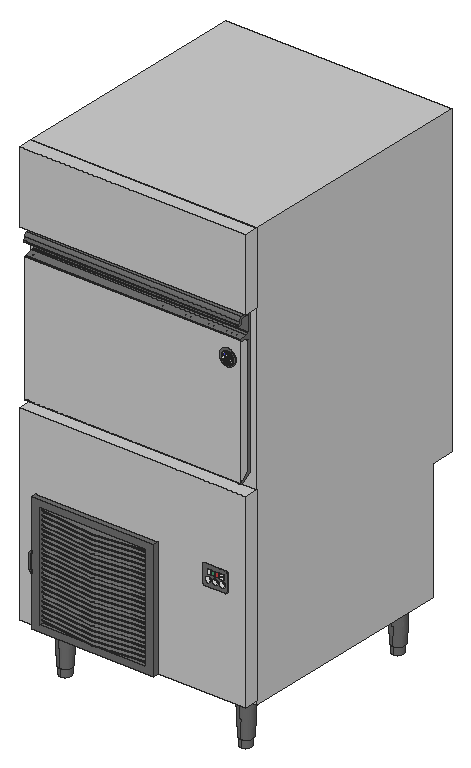
Revit family "QF_HOSHIZAKI_KM-140C-HC", category Specialty Equipment, Revit 2016
Family settings
  Part Type = Normal
  Round Connector Dimension = Use Diameter
  OmniClass Number = 23.40.40.14
  OmniClass Title = Food Service Equipment
  Work Plane-Based = No
  Always vertical = Yes
  Cut with Voids When Loaded = No
  Shared = No
  Room Calculation Point = No
Parameters (values of type "KM-140C-HC_230V/1Ph/50Hz")
  Weight = 69.00 kg
  Waste Remarks [instance] = ""
  Volts = 230 V
  URL Cutsheet = ""
  URL = "www.hoshizaki-europe.com"
  Status [instance] = ""
  Specification by User [instance] = ""
  Specification by Manufacturer [instance] = ""
  Serial Number = ""
  Seismic Rating = ""
  SMACNA No = ""
  Revision Code [instance] = ""
  Phase = 1
  Number of Poles = 2
  NAFEM Spec ID Number = ""
  Model = "KM-140C-HC"
  Min Ckt Ampacity = 0 A
  Max Overcurrent Protection = 0 A
  Masterspec = ""
  Manufacturer = "HOSHIZAKI"
  Length Actual = 630 mm
  Item Number [instance] = ""
  Installed By [instance] = ""
  Indirect Waste Size = 25.4 mm
  Indirect Waste Connection Type [instance] = ""
  Indirect Waste Connection Height [instance] = 354 mm
  Identify Quantity as Lot [instance] = no
  Height Actual = 1333 mm
  HP power = ""
  Furnished By [instance] = ""
  Foodservice Equipment Identifier [instance] = yes
  FL Amps = 3.9 A
  Electric power = 564 W
  Electric Connection Type [instance] = ""
  Elec Conn RI Height [instance] = 0 mm
  Elec Conn Connection Height [instance] = 303 mm
  Direct Waste RI Height [instance] = 0 mm
  Description = "SELF CONTAINED KM ICE MAKER, 138KG PER 24 HOURS, CRESCENT"
  Depth Actual = 719 mm
  Cycle = 50 Hz
  Cost = 0
  Conn Plug = ""
  Conn Conduit = no
  Cold Water Temperature Recommended = 0 °C
  Cold Water Size = 19.05 mm
  Cold Water Flow = 0.0 L/s
  Cold Water Connection Height [instance] = 398 mm
  CSI MasterFormat = ""
  Assembly Code = "E1090320"
  Apparent Power = 564 VA
  Accessory = no
Reference planes
  plane 1 "Center (Front/Back)": y = 0
  plane 2: z = 0
  plane 3 "Center (Left/Right)": x = 0
Forms (mm)
  Extrusion 1, solid, not visible
    sketch origin (47, -67, 302) x (1, 0, 0) y (0, 1, 0)
      loop
        line (0, 0) -> (2, 0) -> (2, 2) -> (0, 2) -> (0, 0)
    from 0 to 2
  Extrusion 2, solid, not visible
    sketch origin (98, -33, 400) x (1, 0, 0) y (0, 1, 0)
      loop
        line (0, 0) -> (2, 0) -> (2, 2) -> (0, 2) -> (0, 0)
    from 0 to 2
  Extrusion 3, solid, not visible
    sketch origin (582, -67, 353) x (1, 0, 0) y (0, 1, 0)
      loop
        line (0, 0) -> (2, 0) -> (2, 2) -> (0, 2) -> (0, 0)
    from 0 to 2
Dimensions and locks
  aligned and locked: level to plane 2
Nested families
  nested 1: "QF_HOSHIZAKI_KM-140C-HC_230V_1Ph_50Hz" at (0, 0, 0), type "KM-140C-HC_230V/1Ph/50Hz"
    with Show Logo yes, Show Clearance yes
Connectors
  electrical at (48, -65, 303), driven by "Apparent Power", driven by "Number of Poles", driven by "Volts"
    settings: on Extrusion 1, index 1, voltage 230 V, apparent load 0 VA, apparent load phase1 564 VA, apparent load phase2 0 VA, apparent load phase3 0 VA, power factor 1, load classification "Other", number of poles 2, system type 31, power factor state 1, is connector primary yes, connector utility no, sub classification motor no, connector description "Electric connection for 'KM-140C-HC'"
  piping at (99, -32, 400), diameter 19.05, driven by "Cold Water Size", driven by "Cold Water Flow"
    settings: on Extrusion 2, index 2, connector inside diameter 609.6 mm, connector length 0 mm, flow factor 0, pipe flow 0.0 L/s, pressure drop 0.0 Pa, fitting loss kfactor 0, connector angle 0.00°, fixture units 0, engagement length 0 mm, angle of deflection 0.00°, flow configuration 1, flow direction 1, fitting loss method 0, system type 20, joint type 0, gender type 0, connector reference index -1, connector utility 0, adjustable connector no, is connector primary yes, connector description "Cold Water connection for 'KM-140C-HC'"
  piping at (583, -65, 354), diameter 25.4, driven by "Indirect Waste Size"
    settings: on Extrusion 3, index 3, connector inside diameter 609.6 mm, connector length 0 mm, flow factor 0, pipe flow 0.0 L/s, pressure drop 0.0 Pa, fitting loss kfactor 0, connector angle 0.00°, fixture units 0, engagement length 0 mm, angle of deflection 0.00°, flow configuration 1, flow direction 2, fitting loss method 0, system type 16, joint type 0, gender type 0, connector reference index -1, connector utility 0, adjustable connector no, is connector primary no, connector description "Drain connection for 'KM-140C-HC'"
Definition of nested family "QF_HOSHIZAKI_KM-140C-HC_230V_1Ph_50Hz"
  Parameters (values of type "KM-140C-HC_230V/1Ph/50Hz")
    URL = "www.hoshizaki-europe.com"
    Show Logo [instance] = yes
    Show Clearance [instance] = yes
    Model = "KM-140C-HC"
    Manufacturer = "HOSHIZAKI"
    Description = "SELF CONTAINED KM ICE MAKER, 138KG PER 24 HOURS, CRESCENT"
    Assembly Code = "E1090320"
  Reference planes
    plane 1 "Back": y = 0
    plane 2: z = 0
    plane 3 "Left": x = 0
    plane 4 "Right": x = 630
    plane 5 "Front": y = -719
    plane 6 "Top": z = 1333
  Forms (mm)
    Extrusion 1, solid
      sketch origin (0, 0, 0) x (0, 1, 0) y (0, 0, 1)
        loop
          line (-65, 139) -> (-65, 474) -> (0, 474) -> (0, 1333) -> (-680, 1333) -> (-680, 139) -> (-65, 139)
      from 0 to 630
    Revolve 2, solid
      sketch origin (62.5, 0, 0) x (0, 1, 0) y (0, 0, 1)
        loop
          line (-109, 0) -> (-93.5, 0) -> (-93.5, 22.5) -> (-90.5, 22.5) -> (-86, 124) -> (-86, 139) -> (-109, 139) -> (-109, 0)
        axis (-109, 0) -> (-109, 139)
      angle from 0 to 360
    Extrusion 3, solid
      sketch origin (0, -125.184, 156.803) x (0, 1, 0) y (0, 0, 1)
        loop
          arc (-564.152, 560.106) -> (-560.966, 563.691) -> (-559.816, 568.347) r 10
          line (-559.816, 568.347) -> (-559.816, 956.197)
          arc (-559.816, 956.197) -> (-563.19, 963.687) -> (-571.035, 966.123) r 10
          line (-571.035, 966.123) -> (-587.697, 964.077)
          arc (-587.697, 964.077) -> (-593.362, 961.405) -> (-596.326, 955.888) r 10
          line (-596.326, 955.888) -> (-598.012, 946.326)
          arc (-598.012, 946.326) -> (-596.39, 944.009) -> (-594.073, 945.632) r 2
          line (-594.073, 945.632) -> (-592.387, 955.193)
          arc (-592.387, 955.193) -> (-590.608, 958.503) -> (-587.209, 960.106) r 6
          line (-587.209, 960.106) -> (-570.547, 962.152)
          arc (-570.547, 962.152) -> (-565.84, 960.691) -> (-563.816, 956.197) r 6
          line (-563.816, 956.197) -> (-563.816, 915.35)
          arc (-563.816, 915.35) -> (-564.246, 914.146) -> (-565.343, 913.487) r 1.9
          arc (-565.343, 913.487) -> (-565.869, 913.401) -> (-566.401, 913.352) r 7.5
          arc (-566.401, 913.352) -> (-568.987, 913.073) -> (-571.531, 912.527) r 25
          line (-571.531, 912.527) -> (-592.016, 907) -> (-592.016, 905) -> (-590.605, 905)
          arc (-590.605, 905) -> (-589.35, 904.725) -> (-588.326, 903.95) r 3
          arc (-588.326, 903.95) -> (-586.618, 902.659) -> (-584.526, 902.2) r 5
          line (-584.526, 902.2) -> (-574.616, 902.2)
          arc (-574.616, 902.2) -> (-571.08, 900.736) -> (-569.616, 897.2) r 5
          line (-569.616, 897.2) -> (-569.616, 566.869)
          arc (-569.616, 566.869) -> (-570.191, 564.541) -> (-571.784, 562.748) r 5
          line (-571.784, 562.748) -> (-586.848, 552.395)
          arc (-586.848, 552.395) -> (-588.117, 551.134) -> (-588.862, 549.507) r 5
          arc (-588.862, 549.507) -> (-589.572, 548.421) -> (-590.8, 548) r 2
          line (-590.8, 548) -> (-592.016, 548)
          arc (-592.016, 548) -> (-591.43, 546.586) -> (-590.016, 546) r 2
          line (-590.016, 546) -> (-584.677, 546) -> (-564.152, 560.106)
      from 14.5 to 615.5
    Extrusion 4, solid
      sketch origin (0, -125.184, 156.803) x (0, 1, 0) y (0, 0, 1)
        loop
          line (-593.816, 905) -> (-593.816, 548) -> (-590.8, 548)
          arc (-590.8, 548) -> (-589.572, 548.421) -> (-588.862, 549.507) r 2
          arc (-588.862, 549.507) -> (-588.117, 551.134) -> (-586.848, 552.395) r 5
          line (-586.848, 552.395) -> (-571.784, 562.748)
          arc (-571.784, 562.748) -> (-570.191, 564.541) -> (-569.616, 566.869) r 5
          line (-569.616, 566.869) -> (-569.616, 897.2)
          arc (-569.616, 897.2) -> (-571.08, 900.736) -> (-574.616, 902.2) r 5
          line (-574.616, 902.2) -> (-584.526, 902.2)
          arc (-584.526, 902.2) -> (-586.618, 902.659) -> (-588.326, 903.95) r 5
          arc (-588.326, 903.95) -> (-589.35, 904.725) -> (-590.605, 905) r 3
          line (-590.605, 905) -> (-593.816, 905)
      from 14.5 to 615.5
    Extrusion 5, solid
      sketch origin (-500, -591, 148.5) x (0, 1, 0) y (0, 0, 1)
        loop
          line (-128, 313.5) -> (-131, 313.5) -> (-131, 17.5) -> (-128, 17.5) -> (-128, 313.5)
      from 863 to 567
    Extrusion 6, solid, visible <- "Show Logo"
      sketch origin (1039.884, -718.5, -852.5) x (-1, 0, 0) y (0, 0, -1)
        loop
          circle (459.884, -1862.5) r 13.99
      from -0.5 to 2
    Extrusion 7, solid, visible <- "Show Logo"
      sketch origin (1039.884, -719, -852.5) x (-1, 0, 0) y (0, 0, -1)
        loop
          circle (459.884, -1862.5) r 15
        loop
          arc (446.884, -1862.5) -> (460.705, -1875.474) -> (472.781, -1860.863) r 13
          line (472.781, -1860.863) -> (470.355, -1858.437) -> (469.346, -1862.201) -> (466.355, -1863.928) -> (465.024, -1865.26) -> (463.375, -1865.26) -> (462.04, -1870.241) -> (457.755, -1870.241) -> (459.339, -1867.979) -> (460.402, -1864.014) -> (461.224, -1860.945) -> (462.416, -1856.497) -> (461.216, -1855.297) -> (459.433, -1857.843) -> (455.784, -1851.523) -> (460.361, -1851.523) -> (461.471, -1853.446) -> (469.213, -1853.446)
          arc (469.213, -1853.446) -> (460.394, -1849.51) -> (451.293, -1852.743) r 13
          line (451.293, -1852.743) -> (455.577, -1853.891) -> (453.752, -1856.497) -> (455.349, -1856.497) -> (454.477, -1866.459) -> (452.538, -1866.459) -> (446.884, -1862.5)
        loop
          line (447.853, -1857.467) -> (452.313, -1861.926) -> (450.144, -1853.891)
          arc (450.144, -1853.891) -> (448.878, -1855.602) -> (447.853, -1857.467) r 15.828
        loop
          line (463.583, -1862.877) -> (466.64, -1862.399) -> (464.901, -1861.285) -> (463.583, -1857.664) -> (463.583, -1862.877)
        loop
          line (464.827, -1855.979) -> (468.296, -1856.908) -> (469.573, -1854.916) -> (468.881, -1854.224) -> (467.914, -1855.035) -> (464.827, -1855.979)
        loop
          line (462.609, -1872.307) -> (462.609, -1874.009) -> (464.927, -1873.388) -> (462.609, -1872.307)
        loop
          line (460.361, -1874.662) -> (459.594, -1873.335) -> (460.801, -1872.638) -> (459.186, -1872.205) -> (458.298, -1874.11) -> (460.361, -1874.662)
        loop
          line (459.623, -1846.783) -> (460.706, -1845.701) -> (462.247, -1845.701) -> (461.191, -1844.645) -> (461.503, -1842.874) -> (459.623, -1843.959) -> (457.743, -1842.874) -> (458.055, -1844.645) -> (456.999, -1845.701) -> (458.54, -1845.701) -> (459.623, -1846.783)
        loop
          line (446.86, -1853.7) -> (446.594, -1852.191) -> (447.478, -1850.929) -> (446.007, -1851.188) -> (444.736, -1849.917) -> (444.547, -1852.08) -> (442.579, -1852.997) -> (444.209, -1853.757) -> (444.468, -1855.228) -> (445.352, -1853.965) -> (446.86, -1853.7)
        loop
          line (452.395, -1848.68) -> (452.856, -1847.219) -> (454.223, -1846.508) -> (452.799, -1846.059) -> (452.258, -1844.344) -> (451.091, -1846.175) -> (448.922, -1846.08) -> (450.017, -1847.507) -> (449.568, -1848.931) -> (450.935, -1848.219) -> (452.395, -1848.68)
        loop
          line (472.909, -1853.7) -> (474.417, -1853.965) -> (475.301, -1855.228) -> (475.56, -1853.757) -> (477.19, -1852.997) -> (475.222, -1852.08) -> (475.033, -1849.917) -> (473.761, -1851.188) -> (472.291, -1850.929) -> (473.175, -1852.191) -> (472.909, -1853.7)
        loop
          line (467.374, -1848.68) -> (468.834, -1848.219) -> (470.201, -1848.931) -> (469.752, -1847.507) -> (470.847, -1846.08) -> (468.678, -1846.175) -> (467.511, -1844.344) -> (466.97, -1846.059) -> (465.546, -1846.508) -> (466.913, -1847.219) -> (467.374, -1848.68)
      from 0 to 2
    Extrusion 8, solid, visible <- "Show Logo"
      sketch origin (1039.884, -719, -852.5) x (-1, 0, 0) y (0, 0, -1)
        loop
          line (462.609, -1874.009) -> (462.609, -1872.307) -> (462.085, -1870.241) -> (457.755, -1870.241) -> (459.339, -1867.979) -> (462.416, -1856.497) -> (461.216, -1855.297) -> (459.433, -1857.843) -> (455.808, -1851.565) -> (453.948, -1851.565) -> (455.577, -1853.891) -> (454.477, -1866.459) -> (456.345, -1871.339)
          arc (456.345, -1871.339) -> (456.868, -1874.025) -> (459.213, -1875.435) r 3.366
          arc (459.213, -1875.435) -> (460.198, -1875.496) -> (461.183, -1875.435) r 8.046
          line (461.183, -1875.435) -> (462.609, -1874.009)
        loop
          line (456.854, -1851.523) -> (460.361, -1851.523) -> (460.916, -1852.485) -> (462.702, -1852.485) -> (463.779, -1851.407) -> (460.623, -1851.407) -> (461.563, -1850.468) -> (456.245, -1850.468) -> (456.854, -1851.523)
        loop
          line (460.361, -1874.662) -> (459.594, -1873.335) -> (460.801, -1872.638) -> (459.186, -1872.205) -> (458.298, -1874.11) -> (460.361, -1874.662)
      from 0 to 2
    Extrusion 9, solid, visible <- "Show Logo"
      sketch origin (254.5, -718, 571.096) x (1, 0, 0) y (0, 0, 1)
        loop
          circle (325.5, 438.904) r 22.5
      from 0 to 2
    Extrusion 10, solid, visible <- "Show Clearance", detail levels coarse
      sketch origin (0, -125, 156.803) x (0, 1, 0) y (0, 0, 1)
        loop
          arc (-594, 964.843) -> (-790.878, 902.025) -> (-918, 739.091) r 350
          line (-918, 739.091) -> (-594, 544.412) -> (-594, 964.843)
      from 14.5 to 615.5
    Extrusion 11, solid
      sketch origin (178, 0, 53) x (1, 0, 0) y (0, 0, 1)
        loop
          circle (405, 301) r 12.5
        loop
          circle (405, 301) r 11
      from 50 to 65
    Extrusion 12, solid
      sketch origin (0, 0, -981.5) x (0, 1, 0) y (0, 0, 1)
        loop
          line (-719, 1660) -> (-719, 1130.5) -> (-680, 1130.5) -> (-680, 1660) -> (-719, 1660)
      from 0 to 630
    Extrusion 13, solid
      sketch origin (281.5, -735, -27.355) x (-1, 0, 0) y (0, 0, 1)
        loop
          line (-265.14, 488.748) -> (-274.86, 488.748) -> (-274.86, 476.748) -> (-265.14, 476.748) -> (-265.14, 488.748)
      from 16 to 14
    Extrusion 14, solid
      sketch origin (260.5, -735, -27.355) x (-1, 0, 0) y (0, 0, 1)
        loop
          line (-265.14, 488.748) -> (-274.86, 488.748) -> (-274.86, 476.748) -> (-265.14, 476.748) -> (-265.14, 488.748)
      from 16 to 14
    Extrusion 15, solid
      sketch origin (271, -735, -27.355) x (-1, 0, 0) y (0, 0, 1)
        loop
          line (-265.14, 488.748) -> (-274.86, 488.748) -> (-274.86, 476.748) -> (-265.14, 476.748) -> (-265.14, 488.748)
      from 16 to 14
    Extrusion 16, solid
      sketch origin (295.5, -735, -26.355) x (-1, 0, 0) y (0, 0, 1)
        loop
          line (-265.14, 488.748) -> (-274.86, 488.748) -> (-274.86, 482.748) -> (-265.14, 482.748) -> (-265.14, 488.748)
      from 16 to 14
    Extrusion 17, solid
      sketch origin (295.5, -735, 937.142) x (-1, 0, 0) y (0, 0, 1)
        loop
          line (-265.14, -488.748) -> (-265.14, -482.748) -> (-274.86, -482.748) -> (-274.86, -488.748) -> (-265.14, -488.748)
      from 16 to 14
    Extrusion 18, solid
      sketch origin (256.5, -735, -47.355) x (-1, 0, 0) y (0, 0, 1)
        loop
          circle (-270, 482.748) r 7
      from 16 to 14
    Extrusion 19, solid
      sketch origin (276.5, -735, -47.355) x (-1, 0, 0) y (0, 0, 1)
        loop
          circle (-270, 482.748) r 7
      from 16 to 14
    Extrusion 20, solid
      sketch origin (836.5, -735, -47.355) x (1, 0, 0) y (0, 0, -1)
        loop
          circle (-270, -482.748) r 7
      from 16 to 14
    Extrusion 21, solid
      sketch origin (0, 0, 0) x (0, 1, 0) y (0, 0, 1)
        loop
          line (-719, 1333) -> (-719, 1133) -> (-680, 1133) -> (-680, 1333) -> (-719, 1333)
      from 0 to 630
    Extrusion 22, solid
      sketch origin (0, -719, 0) x (-1, 0, 0) y (0, 0, 1)
        loop
          line (-45, 149) -> (-45, 479) -> (-385, 479) -> (-385, 149) -> (-45, 149)
        loop
          line (-67, 462) -> (-363, 462) -> (-363, 166) -> (-67, 166) -> (-67, 462)
      from 0 to -16
    Extrusion 23, solid
      sketch origin (-102.25, -933, 82.071) x (1, 0, 0) y (0, 0, 1)
        loop
          line (147.25, 264) -> (138.179, 254.929) -> (138.179, 213.929) -> (147.25, 204.858) -> (147.25, 213.343) -> (144.179, 216.414) -> (144.179, 252.443) -> (147.25, 255.515) -> (147.25, 264)
      from -198 to -200
    Revolve 24, solid
      sketch origin (62.5, -530, 0) x (0, 1, 0) y (0, 0, 1)
        loop
          line (-109, 0) -> (-93.5, 0) -> (-93.5, 22.5) -> (-90.5, 22.5) -> (-86, 124) -> (-86, 139) -> (-109, 139) -> (-109, 0)
        axis (-109, 0) -> (-109, 139)
      angle from 0 to 360
    Revolve 25, solid
      sketch origin (567.5, 0, 0) x (0, 1, 0) y (0, 0, 1)
        loop
          line (-109, 0) -> (-93.5, 0) -> (-93.5, 22.5) -> (-90.5, 22.5) -> (-86, 124) -> (-86, 139) -> (-109, 139) -> (-109, 0)
        axis (-109, 0) -> (-109, 139)
      angle from 0 to 360
    Revolve 26, solid
      sketch origin (567.5, -530, 0) x (0, 1, 0) y (0, 0, 1)
        loop
          line (-109, 0) -> (-93.5, 0) -> (-93.5, 22.5) -> (-90.5, 22.5) -> (-86, 124) -> (-86, 139) -> (-109, 139) -> (-109, 0)
        axis (-109, 0) -> (-109, 139)
      angle from 0 to 360
    Extrusion 27, solid
      sketch origin (-98.25, -334.885, 672.605) x (1, 0, 0) y (0, 0.866025, 0.5)
        loop
          line (165.25, -443) -> (165.25, -451.668)
          arc (165.25, -451.668) -> (313.28, -461.644) -> (461.25, -450.813) r 1057.927
          line (461.25, -450.813) -> (461.25, -443) -> (165.25, -443)
      from 2 to 5
    Extrusion 28, solid
      sketch origin (-98.25, -334.885, 660.605) x (1, 0, 0) y (0, 0.866025, 0.5)
        loop
          line (165.25, -443) -> (165.25, -451.668)
          arc (165.25, -451.668) -> (313.28, -461.644) -> (461.25, -450.813) r 1057.927
          line (461.25, -450.813) -> (461.25, -443) -> (165.25, -443)
      from 2 to 5
    Extrusion 29, solid
      sketch origin (-98.25, -334.885, 648.605) x (1, 0, 0) y (0, 0.866025, 0.5)
        loop
          line (165.25, -443) -> (165.25, -451.668)
          arc (165.25, -451.668) -> (313.28, -461.644) -> (461.25, -450.813) r 1057.927
          line (461.25, -450.813) -> (461.25, -443) -> (165.25, -443)
      from 2 to 5
    Extrusion 30, solid
      sketch origin (-98.25, -334.885, 636.605) x (1, 0, 0) y (0, 0.866025, 0.5)
        loop
          line (165.25, -443) -> (165.25, -451.668)
          arc (165.25, -451.668) -> (313.28, -461.644) -> (461.25, -450.813) r 1057.927
          line (461.25, -450.813) -> (461.25, -443) -> (165.25, -443)
      from 2 to 5
    Extrusion 31, solid
      sketch origin (-98.25, -334.885, 624.605) x (1, 0, 0) y (0, 0.866025, 0.5)
        loop
          line (165.25, -443) -> (165.25, -451.668)
          arc (165.25, -451.668) -> (313.28, -461.644) -> (461.25, -450.813) r 1057.927
          line (461.25, -450.813) -> (461.25, -443) -> (165.25, -443)
      from 2 to 5
    Extrusion 32, solid
      sketch origin (-98.25, -334.885, 612.605) x (1, 0, 0) y (0, 0.866025, 0.5)
        loop
          line (165.25, -443) -> (165.25, -451.668)
          arc (165.25, -451.668) -> (313.28, -461.644) -> (461.25, -450.813) r 1057.927
          line (461.25, -450.813) -> (461.25, -443) -> (165.25, -443)
      from 2 to 5
    Extrusion 33, solid
      sketch origin (-98.25, -334.885, 600.605) x (1, 0, 0) y (0, 0.866025, 0.5)
        loop
          line (165.25, -443) -> (165.25, -451.668)
          arc (165.25, -451.668) -> (313.28, -461.644) -> (461.25, -450.813) r 1057.927
          line (461.25, -450.813) -> (461.25, -443) -> (165.25, -443)
      from 2 to 5
    Extrusion 34, solid
      sketch origin (-98.25, -334.885, 588.605) x (1, 0, 0) y (0, 0.866025, 0.5)
        loop
          line (165.25, -443) -> (165.25, -451.668)
          arc (165.25, -451.668) -> (313.28, -461.644) -> (461.25, -450.813) r 1057.927
          line (461.25, -450.813) -> (461.25, -443) -> (165.25, -443)
      from 2 to 5
    Extrusion 35, solid
      sketch origin (-98.25, -334.885, 576.605) x (1, 0, 0) y (0, 0.866025, 0.5)
        loop
          line (165.25, -443) -> (165.25, -451.668)
          arc (165.25, -451.668) -> (313.28, -461.644) -> (461.25, -450.813) r 1057.927
          line (461.25, -450.813) -> (461.25, -443) -> (165.25, -443)
      from 2 to 5
    Extrusion 36, solid
      sketch origin (-98.25, -334.885, 564.605) x (1, 0, 0) y (0, 0.866025, 0.5)
        loop
          line (165.25, -443) -> (165.25, -451.668)
          arc (165.25, -451.668) -> (313.28, -461.644) -> (461.25, -450.813) r 1057.927
          line (461.25, -450.813) -> (461.25, -443) -> (165.25, -443)
      from 2 to 5
    Extrusion 37, solid
      sketch origin (-98.25, -334.885, 552.605) x (1, 0, 0) y (0, 0.866025, 0.5)
        loop
          line (165.25, -443) -> (165.25, -451.668)
          arc (165.25, -451.668) -> (313.28, -461.644) -> (461.25, -450.813) r 1057.927
          line (461.25, -450.813) -> (461.25, -443) -> (165.25, -443)
      from 2 to 5
    Extrusion 38, solid
      sketch origin (-98.25, -334.885, 540.605) x (1, 0, 0) y (0, 0.866025, 0.5)
        loop
          line (165.25, -443) -> (165.25, -451.668)
          arc (165.25, -451.668) -> (313.28, -461.644) -> (461.25, -450.813) r 1057.927
          line (461.25, -450.813) -> (461.25, -443) -> (165.25, -443)
      from 2 to 5
    Extrusion 39, solid
      sketch origin (-98.25, -334.885, 528.605) x (1, 0, 0) y (0, 0.866025, 0.5)
        loop
          line (165.25, -443) -> (165.25, -451.668)
          arc (165.25, -451.668) -> (313.28, -461.644) -> (461.25, -450.813) r 1057.927
          line (461.25, -450.813) -> (461.25, -443) -> (165.25, -443)
      from 2 to 5
    Extrusion 40, solid
      sketch origin (-98.25, -334.885, 516.605) x (1, 0, 0) y (0, 0.866025, 0.5)
        loop
          line (165.25, -443) -> (165.25, -451.668)
          arc (165.25, -451.668) -> (313.28, -461.644) -> (461.25, -450.813) r 1057.927
          line (461.25, -450.813) -> (461.25, -443) -> (165.25, -443)
      from 2 to 5
    Extrusion 41, solid
      sketch origin (-98.25, -334.885, 504.605) x (1, 0, 0) y (0, 0.866025, 0.5)
        loop
          line (165.25, -443) -> (165.25, -451.668)
          arc (165.25, -451.668) -> (313.28, -461.644) -> (461.25, -450.813) r 1057.927
          line (461.25, -450.813) -> (461.25, -443) -> (165.25, -443)
      from 2 to 5
    Extrusion 42, solid
      sketch origin (-98.25, -334.885, 492.605) x (1, 0, 0) y (0, 0.866025, 0.5)
        loop
          line (165.25, -443) -> (165.25, -451.668)
          arc (165.25, -451.668) -> (313.28, -461.644) -> (461.25, -450.813) r 1057.927
          line (461.25, -450.813) -> (461.25, -443) -> (165.25, -443)
      from 2 to 5
    Extrusion 43, solid
      sketch origin (-98.25, -334.885, 480.605) x (1, 0, 0) y (0, 0.866025, 0.5)
        loop
          line (165.25, -443) -> (165.25, -451.668)
          arc (165.25, -451.668) -> (313.28, -461.644) -> (461.25, -450.813) r 1057.927
          line (461.25, -450.813) -> (461.25, -443) -> (165.25, -443)
      from 2 to 5
    Extrusion 44, solid
      sketch origin (-98.25, -334.885, 468.605) x (1, 0, 0) y (0, 0.866025, 0.5)
        loop
          line (165.25, -443) -> (165.25, -451.668)
          arc (165.25, -451.668) -> (313.28, -461.644) -> (461.25, -450.813) r 1057.927
          line (461.25, -450.813) -> (461.25, -443) -> (165.25, -443)
      from 2 to 5
    Extrusion 45, solid
      sketch origin (-98.25, -334.885, 456.605) x (1, 0, 0) y (0, 0.866025, 0.5)
        loop
          line (165.25, -443) -> (165.25, -451.668)
          arc (165.25, -451.668) -> (313.28, -461.644) -> (461.25, -450.813) r 1057.927
          line (461.25, -450.813) -> (461.25, -443) -> (165.25, -443)
      from 2 to 5
    Extrusion 46, solid
      sketch origin (-98.25, -334.885, 444.605) x (1, 0, 0) y (0, 0.866025, 0.5)
        loop
          line (165.25, -443) -> (165.25, -451.668)
          arc (165.25, -451.668) -> (313.28, -461.644) -> (461.25, -450.813) r 1057.927
          line (461.25, -450.813) -> (461.25, -443) -> (165.25, -443)
      from 2 to 5
    Extrusion 47, solid
      sketch origin (-98.25, -334.885, 432.605) x (1, 0, 0) y (0, 0.866025, 0.5)
        loop
          line (165.25, -443) -> (165.25, -451.668)
          arc (165.25, -451.668) -> (313.28, -461.644) -> (461.25, -450.813) r 1057.927
          line (461.25, -450.813) -> (461.25, -443) -> (165.25, -443)
      from 2 to 5
    Extrusion 48, solid
      sketch origin (-98.25, -334.885, 420.605) x (1, 0, 0) y (0, 0.866025, 0.5)
        loop
          line (165.25, -443) -> (165.25, -451.668)
          arc (165.25, -451.668) -> (313.28, -461.644) -> (461.25, -450.813) r 1057.927
          line (461.25, -450.813) -> (461.25, -443) -> (165.25, -443)
      from 2 to 5
    Extrusion 49, solid
      sketch origin (-98.25, -334.885, 408.605) x (1, 0, 0) y (0, 0.866025, 0.5)
        loop
          line (165.25, -443) -> (165.25, -451.668)
          arc (165.25, -451.668) -> (313.28, -461.644) -> (461.25, -450.813) r 1057.927
          line (461.25, -450.813) -> (461.25, -443) -> (165.25, -443)
      from 2 to 5
    Extrusion 50, solid
      sketch origin (-98.25, -334.885, 396.605) x (1, 0, 0) y (0, 0.866025, 0.5)
        loop
          line (165.25, -443) -> (165.25, -451.668)
          arc (165.25, -451.668) -> (313.28, -461.644) -> (461.25, -450.813) r 1057.927
          line (461.25, -450.813) -> (461.25, -443) -> (165.25, -443)
      from 2 to 5
    Extrusion 51, solid
      sketch origin (0, -722, 0) x (-1, 0, 0) y (0, 0, 1)
        loop
          line (-573, 417) -> (-519, 417)
          arc (-519, 417) -> (-513.343, 419.343) -> (-511, 425) r 8
          line (-511, 425) -> (-511, 466)
          arc (-511, 466) -> (-513.343, 471.657) -> (-519, 474) r 8
          line (-519, 474) -> (-573, 474)
          arc (-573, 474) -> (-578.657, 471.657) -> (-581, 466) r 8
          line (-581, 466) -> (-581, 425)
          arc (-581, 425) -> (-578.657, 419.343) -> (-573, 417) r 8
      from 2 to 4
    Extrusion 52, solid
      sketch origin (0, 0, 0) x (0, 1, 0) y (0, 0, 1)
        loop
          line (-65, 474) -> (-65, 398) -> (0, 398) -> (0, 474) -> (-65, 474)
      from 52 to 142
  Lines and regions (mm)
    symbolic lines
      curve 1: line (0, 0, 0) -> (630, 0, 0)
      curve 2: line (630, 0, 0) -> (630, -719, 0)
      curve 3: line (630, -719, 0) -> (0, -719, 0)
      curve 4: line (0, -719, 0) -> (0, 0, 0)
    symbolic lines, visible <- "Show Clearance"
      curve 5: line (14.5, -1043, 0) -> (14.5, -719, 0)
      curve 6: line (14.5, -1043, 0) -> (615.5, -1043, 0)
      curve 7: line (615.5, -1043, 0) -> (615.5, -719, 0)
  Dimensions and locks
    plane 6 "Top" to level = 1333 mm
    plane 5 "Front" to plane 1 "Back" = 719 mm
    plane 3 "Left" to plane 4 "Right" = 630 mm
    aligned and locked: level to plane 2
    aligned and locked: Extrusion 1 to plane 4 "Right"
